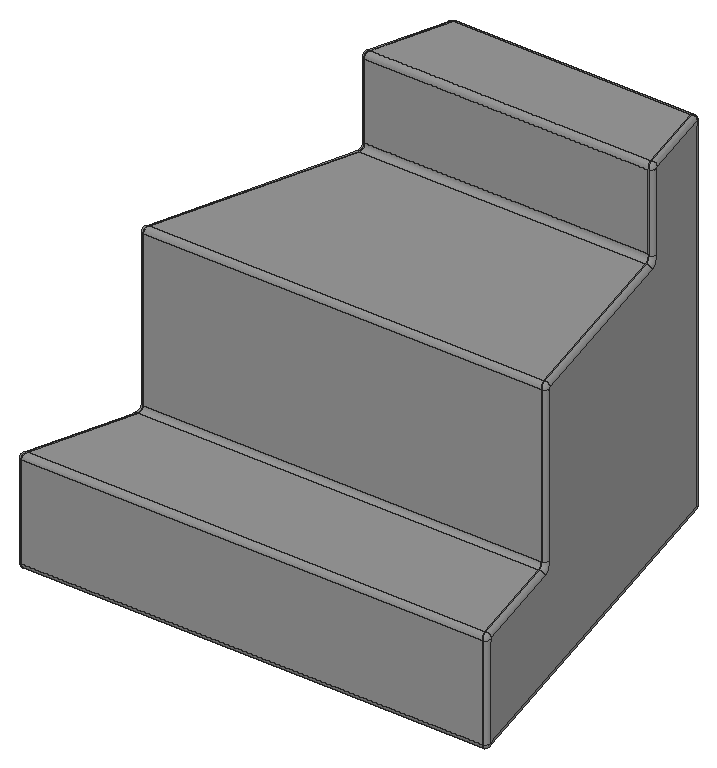
Revit family "TS1004 Elevate Tier Three Step Outside Wedge", category Generic Models, Revit 2018
Family settings
  Can host rebar = No
  Round Connector Dimension = Use Diameter
  Part Type = Normal
  Work Plane-Based = No
  Always vertical = Yes
  Cut with Voids When Loaded = No
  Shared = No
  Room Calculation Point = No
Parameters
  Fabric = TS1004 Elevate Three Tier Outside Wedge Fabric
Reference planes (in)
  plane 1 "Center (Front/Back)": y = 0
  plane 2: z = 0
  plane 3 "Center (Left/Right)": x = 0
Forms (in)
  Extrusion 1, solid, material "TS1004 Elevate Three Tier Outside Wedge Fabric" <- "Fabric"
    sketch origin (-0.00039, 4.0252, 0) x (0.000033, 1, 0) y (0, 0, 1)
      loop
        spline (12.00025, 26.72642) -> (12.01492, 26.65105) -> (12.01829, 26.57424) -> (12.01027, 26.49781) -> (11.99105, 26.42355) -> (11.96109, 26.35323) -> (11.9211, 26.28851) -> (11.87203, 26.23092) -> (11.81502, 26.18182) -> (11.75144, 26.14237) -> (11.68279, 26.11351) -> (11.61068, 26.09591) -> (11.53682, 26.09)
        line (11.53682, 26.09) -> (-7.47981, 26.09)
        spline (-7.47981, 26.09) -> (-7.54529, 26.08555) -> (-7.60965, 26.07226) -> (-7.67178, 26.05036) -> (-7.73063, 26.02024) -> (-7.78519, 25.9824) -> (-7.83453, 25.93749) -> (-7.87779, 25.88628) -> (-7.91425, 25.82965) -> (-7.94327, 25.76857) -> (-7.96436, 25.70407) -> (-7.97716, 25.63727) -> (-7.98145, 25.5693)
        line (-7.98145, 25.5693) -> (-7.98145, 10.59)
        spline (-7.98145, 10.59) -> (-7.98557, 10.52474) -> (-7.99787, 10.46059) -> (-8.01812, 10.39866) -> (-8.04599, 10.34) -> (-8.081, 10.28562) -> (-8.12254, 10.23645) -> (-8.16991, 10.19332) -> (-8.2223, 10.15699) -> (-8.27882, 10.12806) -> (-8.33848, 10.10704) -> (-8.40028, 10.09428) -> (-8.46316, 10.09)
        line (-8.46316, 10.09) -> (-18.49885, 10.09)
        spline (-18.49885, 10.09) -> (-18.56418, 10.08556) -> (-18.6284, 10.0723) -> (-18.6904, 10.05045) -> (-18.74912, 10.02039) -> (-18.80356, 9.98263) -> (-18.85279, 9.93782) -> (-18.89596, 9.88673) -> (-18.93234, 9.83022) -> (-18.96129, 9.76926) -> (-18.98234, 9.70491) -> (-18.99511, 9.63825) -> (-18.9994, 9.57044)
        line (-18.9994, 9.57044) -> (-18.9994, 0.5361)
        arc (-18.9994, 0.5361) -> (-18.85303, 0.15805) -> (-18.47971, 0) r 0.51994
        line (-18.47971, 0) -> (19.97981, 0)
        arc (19.97981, 0) -> (20.34782, 0.15243) -> (20.50025, 0.52044) r 0.52044
        line (20.50025, 0.52044) -> (20.50025, 34.06864)
        arc (20.50025, 34.06864) -> (20.34755, 34.4373) -> (19.97889, 34.59) r 0.52136
        line (19.97889, 34.59) -> (12.50083, 34.59)
        spline (12.50083, 34.59) -> (12.43549, 34.58555) -> (12.37127, 34.5723) -> (12.30927, 34.55045) -> (12.25054, 34.52039) -> (12.1961, 34.48263) -> (12.14687, 34.43781) -> (12.10369, 34.38672) -> (12.06732, 34.3302) -> (12.03835, 34.26925) -> (12.01731, 34.20489) -> (12.00453, 34.13823) -> (12.00025, 34.07041)
        line (12.00025, 34.07041) -> (12.00025, 26.72642)
    from -22.72232 to 22.72232
  Extrusion 2, void
    sketch origin (-0.00039, 4.0252, 0) x (1, -0.000033, 0) y (0.000033, 1, 0)
      loop
        line (-22.72232, -19.86707) -> (-11.49101, 20.50025) -> (-22.72232, 20.50025) -> (-22.72232, -19.86707)
    from 0 to 39.78548
  Extrusion 3, void
    sketch origin (-0.00039, 4.0252, 0) x (-1, 0.000033, 0) y (-0.000033, -1, 0)
      loop
        line (-22.72232, 19.86707) -> (-22.72232, -20.50025) -> (-11.49101, -20.50025) -> (-22.72232, 19.86707)
    from 0 to 39.78548
  Sweep 4, solid, material "TS1004 Elevate Three Tier Outside Wedge Fabric" <- "Fabric"
    path origin (0.35482, -0.04922, 0) x (0.268078, 0.963397, 0) y (0, 0, 1)
      loop
        arc (20, 34.06864) -> (19.99374, 34.08374) -> (19.97864, 34.09) r 0.02136
        line (19.97864, 34.09) -> (12.2157, 34.09)
        arc (12.2157, 34.09) -> (12.20184, 34.08426) -> (12.19611, 34.07041) r 0.01959
        line (12.19611, 34.07041) -> (12.19611, 26.59)
        arc (12.19611, 26.59) -> (11.90321, 25.88289) -> (11.19611, 25.59) r 1
        line (11.19611, 25.59) -> (-8.54285, 25.59)
        arc (-8.54285, 25.59) -> (-8.55749, 25.58394) -> (-8.56355, 25.5693) r 0.0207
        line (-8.56355, 25.5693) -> (-8.56355, 10.59)
        arc (-8.56355, 10.59) -> (-8.85644, 9.88289) -> (-9.56355, 9.59) r 1
        line (-9.56355, 9.59) -> (-19.98044, 9.59)
        arc (-19.98044, 9.59) -> (-19.99427, 9.58427) -> (-20, 9.57044) r 0.01956
        line (-20, 9.57044) -> (-20, 0.51994)
        arc (-20, 0.51994) -> (-19.99416, 0.50584) -> (-19.98006, 0.5) r 0.01994
        line (-19.98006, 0.5) -> (19.97956, 0.5)
        arc (19.97956, 0.5) -> (19.99401, 0.50599) -> (20, 0.52044) r 0.02044
        line (20, 0.52044) -> (20, 34.06864)
    profile origin (5.71638, 19.21872, 17.29454) x (0.963397, -0.268078, 0) y (0.268078, 0.963397, 0)
      loop
        line (-18, 0) -> (-18, 0.5)
        arc (-18, 0.5) -> (-18.35355, 0.35355) -> (-18.5, 0) r 0.5
        line (-18.5, 0) -> (-18, 0)
  Extrusion 5, solid, material "TS1004 Elevate Three Tier Outside Wedge Fabric" <- "Fabric"
    sketch origin (0.36011, -0.03026, 0) x (0.268078, 0.963397, 0) y (0, 0, -1)
      loop
        line (12.17642, -26.59) -> (12.17642, -34.07041)
        arc (12.17642, -34.07041) -> (12.18216, -34.08426) -> (12.19601, -34.09) r 0.01959
        line (12.19601, -34.09) -> (19.95895, -34.09)
        arc (19.95895, -34.09) -> (19.97406, -34.08374) -> (19.98031, -34.06864) r 0.02136
        line (19.98031, -34.06864) -> (19.98031, -0.52044)
        arc (19.98031, -0.52044) -> (19.97433, -0.50599) -> (19.95987, -0.5) r 0.02044
        line (19.95987, -0.5) -> (-19.99975, -0.5)
        arc (-19.99975, -0.5) -> (-20.01385, -0.50584) -> (-20.01969, -0.51994) r 0.01994
        line (-20.01969, -0.51994) -> (-20.01969, -9.57044)
        arc (-20.01969, -9.57044) -> (-20.01396, -9.58427) -> (-20.00012, -9.59) r 0.01956
        line (-20.00012, -9.59) -> (-9.58324, -9.59)
        arc (-9.58324, -9.59) -> (-8.87613, -9.88289) -> (-8.58324, -10.59) r 1
        line (-8.58324, -10.59) -> (-8.58324, -25.5693)
        arc (-8.58324, -25.5693) -> (-8.57718, -25.58394) -> (-8.56254, -25.59) r 0.0207
        line (-8.56254, -25.59) -> (11.17642, -25.59)
        arc (11.17642, -25.59) -> (11.88352, -25.88289) -> (12.17642, -26.59) r 1
    from 18.00001 to 18.5
  Sweep 6, solid, material "TS1004 Elevate Three Tier Outside Wedge Fabric" <- "Fabric"
    path origin (-0.35482, -0.04922, 0) x (-0.268078, 0.963397, 0) y (0, 0, -1)
      loop
        line (20, -34.06864) -> (20, -0.52044)
        arc (20, -0.52044) -> (19.99401, -0.50599) -> (19.97956, -0.5) r 0.02044
        line (19.97956, -0.5) -> (-19.98006, -0.5)
        arc (-19.98006, -0.5) -> (-19.99416, -0.50584) -> (-20, -0.51994) r 0.01994
        line (-20, -0.51994) -> (-20, -9.57044)
        arc (-20, -9.57044) -> (-19.99427, -9.58427) -> (-19.98044, -9.59) r 0.01956
        line (-19.98044, -9.59) -> (-9.56355, -9.59)
        arc (-9.56355, -9.59) -> (-8.85644, -9.88289) -> (-8.56355, -10.59) r 1
        line (-8.56355, -10.59) -> (-8.56355, -25.5693)
        arc (-8.56355, -25.5693) -> (-8.55749, -25.58394) -> (-8.54285, -25.59) r 0.0207
        line (-8.54285, -25.59) -> (11.19611, -25.59)
        arc (11.19611, -25.59) -> (11.90321, -25.88289) -> (12.19611, -26.59) r 1
        line (12.19611, -26.59) -> (12.19611, -34.07041)
        arc (12.19611, -34.07041) -> (12.20184, -34.08426) -> (12.2157, -34.09) r 0.01959
        line (12.2157, -34.09) -> (19.97864, -34.09)
        arc (19.97864, -34.09) -> (19.99374, -34.08374) -> (20, -34.06864) r 0.02136
    profile origin (-5.71638, 19.21872, 17.29454) x (-0.963397, -0.268078, 0) y (0.268078, -0.963397, 0)
      loop
        line (-18, 0) -> (-18.5, 0)
        arc (-18.5, 0) -> (-18.35355, -0.35355) -> (-18, -0.5) r 0.5
        line (-18, -0.5) -> (-18, 0)
  Extrusion 7, solid, material "TS1004 Elevate Three Tier Outside Wedge Fabric" <- "Fabric"
    sketch origin (-0.36011, -0.03026, 0) x (-0.268078, 0.963397, 0) y (0, 0, 1)
      loop
        arc (12.17642, 26.59) -> (11.88352, 25.88289) -> (11.17642, 25.59) r 1
        line (11.17642, 25.59) -> (-8.56254, 25.59)
        arc (-8.56254, 25.59) -> (-8.57718, 25.58394) -> (-8.58324, 25.5693) r 0.0207
        line (-8.58324, 25.5693) -> (-8.58324, 10.59)
        arc (-8.58324, 10.59) -> (-8.87613, 9.88289) -> (-9.58324, 9.59) r 1
        line (-9.58324, 9.59) -> (-20.00012, 9.59)
        arc (-20.00012, 9.59) -> (-20.01396, 9.58427) -> (-20.01969, 9.57044) r 0.01956
        line (-20.01969, 9.57044) -> (-20.01969, 0.51994)
        arc (-20.01969, 0.51994) -> (-20.01385, 0.50584) -> (-19.99975, 0.5) r 0.01994
        line (-19.99975, 0.5) -> (19.95987, 0.5)
        arc (19.95987, 0.5) -> (19.97433, 0.50599) -> (19.98031, 0.52044) r 0.02044
        line (19.98031, 0.52044) -> (19.98031, 34.06864)
        arc (19.98031, 34.06864) -> (19.97406, 34.08374) -> (19.95895, 34.09) r 0.02136
        line (19.95895, 34.09) -> (12.19601, 34.09)
        arc (12.19601, 34.09) -> (12.18216, 34.08426) -> (12.17642, 34.07041) r 0.01959
        line (12.17642, 34.07041) -> (12.17642, 26.59)
    from 18.00001 to 18.5
Cuts and joins
  Extrusion 2, Extrusion 3 cuts Extrusion 1
Dimensions and locks (in)
  aligned and locked: plane 2 to level
